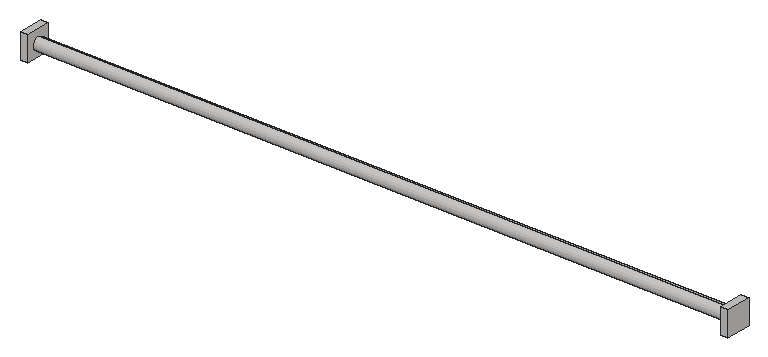
Revit family
Parameters (values of type "B-6047.72")
  URL = "www.bobrick.com"
  Type Comments = ""
  Shower Rod Length = 6' - 0"
  Radius = 0' - 0 5/8"
  Mounting Height [instance] = 5' - 0"
  Model = "B-6047"
  Manufacturer = "Bobrick Washroom Equipment, Inc."
  Finish Material = Stainless Steel-Bobrick
  Description = "Classic Series Extra-Heavy-Duty Shower Curtain Rod"
  Assembly Code = "C1030200"
Types (5): name | Shower Rod Length
  (no name) | 6' - 0"
  B-6047.36 | 3' - 0"
  B-6047.48 | 4' - 0"
  B-6047.60 | 5' - 0"
  B-6047.72 | 6' - 0"
Reference planes (in)
  plane 1 "Center (Front/Back)": y = 0
  plane 2: z = 0
  plane 3 "Center (Left/Right)": x = 0
  plane 4: z = 60
  plane 5: x = -36
  plane 6: x = 36
  plane 7: y = 1.28125
  plane 8: y = -1.28125
  plane 9: x = -35.25
  plane 10: z = 61.28125
  plane 11: z = 58.71875
  plane 12: x = 35.25
  plane 13: y = 0.625
  plane 14: y = -0.625
  plane 15: x = -35.25
  plane 16: x = 35.25
Forms (in)
  Sweep 1, solid, material "Stainless Steel-Bobrick" <- "Finish Material"
    path origin (0, 0, 0) x (1, 0, 0) y (0, 0, 1)
      loop
        line (36, 60) -> (-36, 60)
    profile origin (0, 0, 60) x (0, 0, -1) y (0, -1, 0)
      loop
        circle (0, 0) r 0.625
  Extrusion 2, solid, material "Stainless Steel-Bobrick" <- "Finish Material"
    sketch origin (0, 0, 0) x (0, 1, 0) y (0, 0, 1)
      loop
        line (1.28125, 61.28125) -> (-1.28125, 61.28125) -> (-1.28125, 58.71875) -> (1.28125, 58.71875) -> (1.28125, 61.28125)
    from 35.25 to 36
  Extrusion 3, solid, material "Stainless Steel-Bobrick" <- "Finish Material"
    sketch origin (0, 0, 0) x (0, 1, 0) y (0, 0, -1)
      loop
        line (1.28125, -61.28125) -> (1.28125, -58.71875) -> (-1.28125, -58.71875) -> (-1.28125, -61.28125) -> (1.28125, -61.28125)
    from 35.25 to 36
Cuts and joins
  joined: Sweep 1, Extrusion 2, Extrusion 3
Lines and regions (in)
  Masking region 1
    outline origin (0, 0, 0) x (0, 1, 0) y (0, 0, 1)
      loop
        circle (0, 60) r 0.625
  Masking region 2
    outline origin (0, 0, 0) x (1, 0, 0) y (0, 0, 1)
      loop
        line (35.25, 58.71875) -> (36, 58.71875) -> (36, 61.28125) -> (35.25, 61.28125) -> (35.25, 60.625) -> (-35.25, 60.625) -> (-35.25, 61.28125) -> (-36, 61.28125) -> (-36, 58.71875) -> (-35.25, 58.71875) -> (-35.25, 59.375) -> (35.25, 59.375) -> (35.25, 58.71875)
  symbolic lines, style "Shower Curtain Rod"
    curve 1: line (35.25, 0, 60.625) -> (35.25, 0, 59.375)
    curve 2: line (-35.25, 0, 60.625) -> (-35.25, 0, 59.375)
  symbolic lines, style "SpecialityEquipmentHiddenLines", detail levels medium+fine
    curve 3: line (-35.25, 0.625, 0) -> (35.25, 0.625, 0)
    curve 4: line (35.25, 1.28125, 0) -> (36, 1.28125, 0)
    curve 5: line (35.25, -1.28125, 0) -> (35.25, 1.28125, 0)
    curve 6: line (36, -1.28125, 0) -> (35.25, -1.28125, 0)
    curve 7: line (36, 1.28125, 0) -> (36, -1.28125, 0)
    curve 8: line (-36, 1.28125, 0) -> (-35.25, 1.28125, 0)
    curve 9: line (-36, -1.28125, 0) -> (-36, 1.28125, 0)
    curve 10: line (-35.25, -1.28125, 0) -> (-36, -1.28125, 0)
    curve 11: line (-35.25, 1.28125, 0) -> (-35.25, -1.28125, 0)
    curve 12: line (-35.25, -0.625, 0) -> (35.25, -0.625, 0)
  symbolic lines, style "SpecialityEquipmentHiddenLines", detail levels coarse
    curve 13: line (-36, 0, 0) -> (36, 0, 0)
Dimensions and locks (in)
  "Mounting Height": level to plane 4
  equal spacing: plane 5, plane 3 "Center (Left/Right)", plane 6
  "Shower Rod Length": plane 5 to plane 6
  equal spacing: plane 8, plane 1 "Center (Front/Back)", plane 7
  locked: plane 8 to plane 7 at 2.5625
  equal spacing: plane 10, plane 4, plane 11
  locked: plane 9 to plane 5 at 0.75
  locked: plane 12 to plane 6 at 0.75
  locked: plane 10 to plane 11 at 2.5625
  equal spacing: plane 14, plane 1 "Center (Front/Back)", plane 13
  locked: plane 14 to plane 13 at 1.25
  locked: plane 5 to plane 15 at 0.75
  locked: plane 16 to plane 6 at 0.75
  "Radius": radius of Sweep 1 sketch curve
  aligned and locked: level to plane 2
  aligned and locked: Sweep 1 sketch curve to plane 4
  aligned and locked: plane 6 to Sweep 1 sketch curve
  aligned and locked: plane 5 to Sweep 1 sketch curve
  aligned and locked: plane 10 to Extrusion 2 sketch curve
  aligned and locked: plane 7 to Extrusion 2 sketch curve
  aligned and locked: plane 11 to Extrusion 2 sketch curve
  aligned and locked: plane 8 to Extrusion 2 sketch curve
  aligned and locked: Extrusion 2 to plane 6
  aligned and locked: plane 12 to Extrusion 2
  aligned and locked: Extrusion 3 to plane 5
  aligned and locked: plane 9 to Extrusion 3
  aligned and locked: plane 10 to Extrusion 3
  aligned and locked: Extrusion 3 to plane 11
  aligned and locked: Extrusion 3 sketch curve to plane 7
  aligned and locked: Extrusion 3 sketch curve to plane 8
  aligned and locked: Extrusion 3 sketch curve to plane 11
  aligned and locked: Extrusion 3 sketch curve to plane 10
  aligned and locked: plane 6 to Masking region 2 sketch curve
  aligned and locked: Masking region 2 sketch curve to plane 10
  aligned and locked: Masking region 2 sketch curve to plane 12  (x2)
  aligned and locked: Masking region 2 sketch curve to plane 9  (x2)
  aligned and locked: plane 10 to Masking region 2 sketch curve
  aligned and locked: plane 5 to Masking region 2 sketch curve
  aligned and locked: Masking region 2 sketch curve to plane 11
  aligned and locked: curve 1 to plane 12
  aligned and locked: Masking region 2 to curve 1
  aligned and locked: curve 1 to Masking region 2
  aligned and locked: plane 9 to curve 2
  aligned and locked: Masking region 2 to curve 2
  aligned and locked: curve 2 to Masking region 2
  aligned and locked: curve 3 to plane 13
  aligned and locked: plane 15 to curve 3
  aligned and locked: plane 7 to curve 4
  aligned and locked: plane 6 to curve 7
  aligned and locked: curve 5 to plane 16
  aligned and locked: curve 6 to plane 8
  aligned and locked: curve 8 to plane 7
  aligned and locked: curve 11 to plane 15
  aligned and locked: plane 5 to curve 9
  aligned and locked: plane 8 to curve 10
  aligned and locked: plane 16 to curve 12
  aligned and locked: curve 12 to plane 14
  aligned and locked: plane 5 to curve 13
  aligned and locked: plane 6 to curve 13
  aligned and locked: plane 1 "Center (Front/Back)" to curve 13
Automatic sketch dimensions
  Sweep 1 sketch curve to plane 1 "Center (Front/Back)" = 0' - 0"
  Sweep 1 sketch curve to profile plane = 0' - 0"
  Masking region 1 sketch curve to plane 1 "Center (Front/Back)" = 0' - 0"
  Masking region 1 sketch curve to plane 4 = 0' - 0"
  Masking region 2 sketch curve to plane 11 = 0' - 0"
  Masking region 2 sketch curve to plane 4 = 0' - 0 5/8"
  plane 4 to Masking region 2 sketch curve = 0' - 0 5/8"
  radius of Masking region 1 sketch curve = 0' - 0 5/8"
